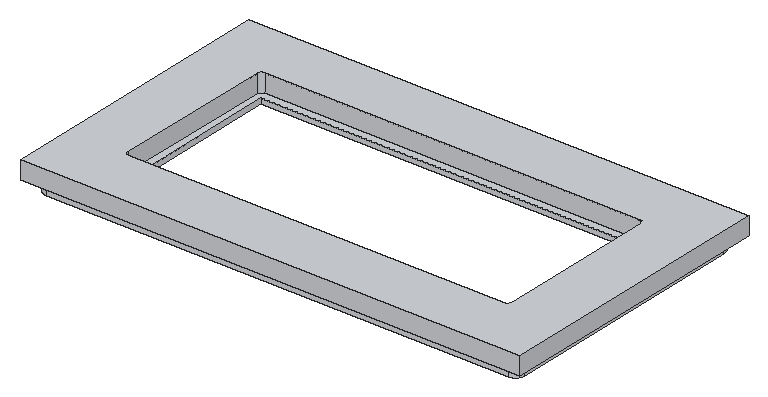
Revit family "Gira_100210", category Electrical Fixtures, host Face, Revit 2017
Family settings
  Host = Face
  Maintain Annotation Orientation = No
  Round Connector Dimension = Use Diameter
  Part Type = Normal
  Cut with Voids When Loaded = No
  Shared = No
  Room Calculation Point = No
Parameters (values of type "Cov.fr. 2-g w/o cb Gira Esprit chrome")
  With mounting grid = "No"
  With hinged lid = "No"
  URL = "http://katalog.gira.de/en/datenblatt.html?artikelnr=100210"
  Type of fastening = "Clamp mounting"
  Transparent = "No"
  Surface protection = "Other"
  Suitable for wall duct = "No"
  Suitable for flush-mounted installation = "Yes"
  Suitable for floor box = "No"
  Suitable for built-in installation = "No"
  Number of units vertical = "2"
  Number of units horizontal = "2"
  Number of units = "2"
  Name = "Cov.fr. 2-g w/o cb Gira Esprit chrome"
  Mounting direction = "Horizontal and vertical"
  Material quality = "Other"
  Material = "Metal"
  Manufacturer URL = "https://www.gira.de/"
  Manufacturer = "Gira"
  Label space/information surface = "No"
  Keynote = ""
  HeinzeBIM = "https://bimportal.heinze.de/bim/cov-fr-2-g-w-o-cb-gira-esprit-chrome/ed32b01c8cbd63ebb61e2b9d58ffabcef88f36dc"
  Halogen free = "No"
  HAN = "100210"
  GTIN = "4010337003342"
  Description = "Cov.fr.2g w o cb Espr. CH,Gira Esprit cover frame,chrome,2-gang without crossbar,Features:,- Highly-polished surface."
  Degree of protection (IP) = "IP20"
  Default Elevation = 1219.2 mm
  Data sheet (1) = "https://katalog.gira.de/en/download.html?artikelnr=100210"
  Colour = "Chrome"
  Category = "Cover frame for domestic switching devices"
  BIM (1) = "https://media.stage.bim.site/public/gira/36a6b08/Espr._Rahmen_2fach o.Mittelsteg.rfa?public/gira/36a6b08/Espr._Rahmen_2fach o.Mittelsteg.rfa"
  Available = "No"
Reference planes
  plane 1 "Center (Front/Back)": y = 0
  plane 2: z = 0
  plane 3 "Center (Left/Right)": x = 0
Forms (mm)
  Extrusion 1, solid, detail levels fine
    sketch origin (0, 0, 0) x (1, 0, 0) y (0, 1, 0)
      loop
        line (-83, 47.5) -> (-83, -47.5) -> (83, -47.5) -> (83, 47.5) -> (-83, 47.5)
      loop
        arc (-63.75, -26.7) -> (-63.311, -27.761) -> (-62.25, -28.2) r 1.5
        line (-62.25, -28.2) -> (62.25, -28.2)
        arc (62.25, -28.2) -> (63.311, -27.761) -> (63.75, -26.7) r 1.5
        line (63.75, -26.7) -> (63.75, 26.7)
        arc (63.75, 26.7) -> (63.311, 27.761) -> (62.25, 28.2) r 1.5
        line (62.25, 28.2) -> (-62.25, 28.2)
        arc (-62.25, 28.2) -> (-63.311, 27.761) -> (-63.75, 26.7) r 1.5
        line (-63.75, 26.7) -> (-63.75, -26.7)
    from 0 to 6
  Extrusion 2, solid, detail levels fine
    sketch origin (0, 0, 0) x (1, 0, 0) y (0, 1, 0)
      loop
        line (-61.518, -25.7) -> (61.45, -25.7) -> (61.45, 25.7) -> (-61.518, 25.7) -> (-61.518, -25.7)
      loop
        arc (-78.55, -41.3) -> (-78.023, -42.573) -> (-76.75, -43.1) r 1.8
        line (-76.75, -43.1) -> (77.95, -43.1)
        arc (77.95, -43.1) -> (79.223, -42.573) -> (79.75, -41.3) r 1.8
        line (79.75, -41.3) -> (79.75, 41.3)
        arc (79.75, 41.3) -> (79.223, 42.573) -> (77.95, 43.1) r 1.8
        line (77.95, 43.1) -> (-76.75, 43.1)
        arc (-76.75, 43.1) -> (-78.023, 42.573) -> (-78.55, 41.3) r 1.8
        line (-78.55, 41.3) -> (-78.55, -41.3)
    from -1.9 to 0
  Extrusion 3, solid, detail levels fine
    sketch origin (0, 0, 0) x (1, 0, 0) y (0, 1, 0)
      loop
        arc (-76.75, 44.4) -> (-78.871, 43.521) -> (-79.75, 41.4) r 3
        line (-79.75, 41.4) -> (-79.75, -41.4)
        arc (-79.75, -41.4) -> (-78.871, -43.521) -> (-76.75, -44.4) r 3
        line (-76.75, -44.4) -> (76.75, -44.4)
        arc (76.75, -44.4) -> (78.871, -43.521) -> (79.75, -41.4) r 3
        line (79.75, -41.4) -> (79.75, 41.4)
        arc (79.75, 41.4) -> (78.871, 43.521) -> (76.75, 44.4) r 3
        line (76.75, 44.4) -> (-76.75, 44.4)
      loop
        arc (-78.55, -41.4) -> (-78.023, -42.673) -> (-76.75, -43.2) r 1.8
        line (-76.75, -43.2) -> (76.75, -43.2)
        arc (76.75, -43.2) -> (78.023, -42.673) -> (78.55, -41.4) r 1.8
        line (78.55, -41.4) -> (78.55, 41.4)
        arc (78.55, 41.4) -> (78.023, 42.673) -> (76.75, 43.2) r 1.8
        line (76.75, 43.2) -> (-76.75, 43.2)
        arc (-76.75, 43.2) -> (-78.023, 42.673) -> (-78.55, 41.4) r 1.8
        line (-78.55, 41.4) -> (-78.55, -41.4)
    from -3.7 to 0
  Extrusion 4, solid, detail levels medium
    sketch origin (0, 0, 0) x (1, 0, 0) y (0, 1, 0)
      loop
        line (-83, 47.5) -> (-83, -47.5) -> (83, -47.5) -> (83, 47.5) -> (-83, 47.5)
    from 0 to 6
  Extrusion 5, solid, detail levels medium
    sketch origin (0, 0, 0) x (1, 0, 0) y (0, 1, 0)
      loop
        line (-79.75, 44.4) -> (-79.75, -44.4) -> (79.75, -44.4) -> (79.75, 44.4) -> (-79.75, 44.4)
    from -3.7 to 0
  Extrusion 6, solid, detail levels coarse
    sketch origin (0, 0, 0) x (1, 0, 0) y (0, 1, 0)
      loop
        line (-83, 47.5) -> (-83, -47.5) -> (83, -47.5) -> (83, 47.5) -> (-83, 47.5)
    from -3.7 to 6
Dimensions and locks
  aligned and locked: plane 2 to host face
  aligned and locked: level to host face
